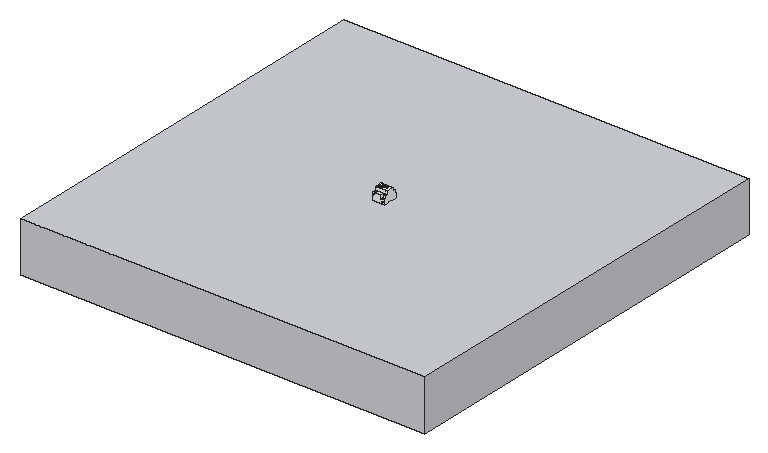
Revit family "Gira_102200", category Elektroinstallationen, Revit 2017
Family settings
  Basisbauteil = Fläche
  Beschriftungsausrichtung beibehalten = Nein
  Bemaßung runder Anschluss = Durchmesser verwenden
  Teiletyp = Normal
  Beim Laden mit Abzugskörper schneiden = Nein
  Gemeinsam genutzt = Nein
  Raumberechnungspunkt = Nein
Parameters (values of type "Analogaktor 4f KNX REG")
  Zusammenstellung = ""
  Default Elevation = 1219.2 mm
  Vor Ort-/Handbedienung = no
  URL = "https://www.gira.de/"
  Typname = "Analogaktor 4f KNX REG"
  Type Comments = ""
  Schutzart (IP) = "IP20"
  Produktseite = "https://media.stage.bim.site/t/eyJhbGciOiJIUzI1NiIsInR5cCI6IkpXVCJ9.eyJjdCI6MiwidHUiOiJodHRwOi8va2F0YWxvZy5naXJhLmRlL2RlX0RFL2RhdGVuYmxhdHQuaHRtbD9hcnRpa2VsbnI9MTAyMjAwIiwiY2lkIjoiMzI3N2NjMjMtODFhOS00ZWUzLWE5MGEtYjQ3YmI0YzBiNjE2IiwicmlkIjoiN2VhMzEzMzRjZjE5MWI1OTZjNTRhNmU2NmMyMGRjZWYiLCJwaWQiOiJmZmFkNmFkZDg5NTdjODBkZDVhYTJmZTM0ZjQyYWU1NDEwZjgyZmQzIiwic2lkIjoiNjM0NzAiLCJ1dCI6MSwibGMiOiJkZSIsImlhdCI6MTYwMDkyNTU2NSwiaXNzIjoiaHR0cHM6Ly9hcGkubGl2ZS5iaW0uc2l0ZSIsInN1YiI6ImFkbWluQGJpbXNpdGUuZGV2In0.LwbDDWPOAQ2pYbK7g8qsJwOKIsyT7783hXnqBg64tzE"
  Montageart = "REG"
  Model = ""
  Mit LED-Anzeige = no
  Mit Busankopplung = yes
  Max. Anzahl der Schaltausgänge = 0
  Kosten = 0
  Hersteller = "Gira"
  HeinzeBIM = "https://www.heinze.de/bim/analogaktor-4f-knx-reg/ffad6add8957c80dd5aa2fe34f42ae5410f82fd3"
  HAN = "102200"
  Geeignet für C-Last = no
  GTIN = "4010337010708"
  Datenblatt 1 = "https://media.stage.bim.site/t/eyJhbGciOiJIUzI1NiIsInR5cCI6IkpXVCJ9.eyJjdCI6MSwidGYiOiJwdWJsaWMvZ2lyYS9hZThjNTU3LzEwMjIwMC50eHQiLCJjaWQiOiIzMjc3Y2MyMy04MWE5LTRlZTMtYTkwYS1iNDdiYjRjMGI2MTYiLCJyaWQiOiI3ZWEzMTMzNGNmMTkxYjU5NmM1NGE2ZTY2YzIwZGNlZiIsInBpZCI6ImZmYWQ2YWRkODk1N2M4MGRkNWFhMmZlMzRmNDJhZTU0MTBmODJmZDMiLCJzaWQiOiI2MzQ3MCIsInV0IjoxLCJsYyI6ImRlIiwiaWF0IjoxNjAwOTI1NTY1LCJpc3MiOiJodHRwczovL2FwaS5saXZlLmJpbS5zaXRlIiwic3ViIjoiYWRtaW5AYmltc2l0ZS5kZXYifQ.A_0qu5OaCnIM0otln83LUzjGE3TuUyHHOcF7MGFbmEE/102200.txt"
  Datenblatt = "https://media.stage.bim.site/t/eyJhbGciOiJIUzI1NiIsInR5cCI6IkpXVCJ9.eyJjdCI6MSwidHUiOiJodHRwczovL2thdGFsb2cuZ2lyYS5kZS9kZV9ERS9kb3dubG9hZC5odG1sP2FydGlrZWxucj0xMDIyMDAiLCJjaWQiOiIzMjc3Y2MyMy04MWE5LTRlZTMtYTkwYS1iNDdiYjRjMGI2MTYiLCJyaWQiOiI3ZWEzMTMzNGNmMTkxYjU5NmM1NGE2ZTY2YzIwZGNlZiIsInBpZCI6ImZmYWQ2YWRkODk1N2M4MGRkNWFhMmZlMzRmNDJhZTU0MTBmODJmZDMiLCJzaWQiOiI2MzQ3MCIsInV0IjoxLCJsYyI6ImRlIiwiaWF0IjoxNjAwOTI1NTY1LCJpc3MiOiJodHRwczovL2FwaS5saXZlLmJpbS5zaXRlIiwic3ViIjoiYWRtaW5AYmltc2l0ZS5kZXYifQ.QHo0v2gF6mFm-TgbEbKmUZ619WVr4vtd6nKSYMqpx70"
  Bussystem Powernet = no
  Bussystem LON = yes
  Bussystem KNX-Funk = no
  Bussystem KNX = yes
  Bussystem Funkbus = no
  Busfähig = ""
  Breite in Teilungseinheiten = 4
  Beschreibung = "KNX Analogaktor 4fach  REG plus Merkmale:  Analogaktor 4fach REG mit integrierter Busankopplung wandelt KNX Telegramme (1-Byte und 2-Byte) in analoge Ausgangssignale um.  Diese analogen Ausgangssignale ermöglichen es Aktoren der Heizungs-, Klima- und Lüftungstechnik ihre Ausgangsgrößen aufgrund von Businformationen anzupassen und an Regelprozessen teilzunehmen.  Spannungsausgänge mit Kurzschlussüberwachung.  Der Ausgangszustand wird durch die Status-LED angezeigt.  Die Ausgangsgrößen können zwangsgeführt werden.  Nicht benötigte Ausgänge lassen sich abschalten.  Die vier Ausgänge werden durch die Software auf Spannungs- oder Stromsignale parametriert."
  Assembly Code = ""
  Keynote = ""
  BIMSITE_PRODUCT_ID = "ffad6add8957c80dd5aa2fe34f42ae5410f82fd3"
  BIM = "https://media.stage.bim.site/t/eyJhbGciOiJIUzI1NiIsInR5cCI6IkpXVCJ9.eyJjdCI6MSwidGYiOiJwdWJsaWMvZ2lyYS9hZThjNTU3L1JFRyA4Zi5yZmEiLCJjaWQiOiIzMjc3Y2MyMy04MWE5LTRlZTMtYTkwYS1iNDdiYjRjMGI2MTYiLCJyaWQiOiI3ZWEzMTMzNGNmMTkxYjU5NmM1NGE2ZTY2YzIwZGNlZiIsInBpZCI6ImZmYWQ2YWRkODk1N2M4MGRkNWFhMmZlMzRmNDJhZTU0MTBmODJmZDMiLCJzaWQiOiI2MzQ3MCIsInV0Ijo1LCJsYyI6ImRlIiwiaWF0IjoxNjAwOTI1NTY1LCJpc3MiOiJodHRwczovL2FwaS5saXZlLmJpbS5zaXRlIiwic3ViIjoiYWRtaW5AYmltc2l0ZS5kZXYifQ.0QB7NR3TMcgPUwC54WKwdhEfvtfGJ7k9em34EAYtWBc/REG 8f.rfa"
  Ausgangsstrom [Ampere] = "[0:0,002]"
  Ausgangsspannung [Volt] = "[24:24]"
  Ausführung Text = "Basismodul"
  Art der Spannungsversorgung = ""
  Anzahl der binären Eingänge = 0
  Anzahl der Ausgänge = 4
  Andere Bussysteme = "ohne"
Reference planes
  plane 1 "Center (Front/Back)": y = 0
  plane 2: z = 0
  plane 3 "Center (Left/Right)": x = 0
Forms (mm)
  Extrusion 1, solid
    sketch origin (0, 0, 0) x (1, 0, 0) y (0, 1, 0)
      loop
        line (-1219.2, 1219.2) -> (-1219.2, -1219.2) -> (1219.2, -1219.2) -> (1219.2, 1219.2) -> (-1219.2, 1219.2)
    from 0 to -304.8
  Extrusion 2, solid, material "White", detail levels fine
    sketch origin (0, 0, 0) x (0, 1, 0) y (0, 0, 1)
      loop
        line (45.125, -2.619) -> (45.125, 24.95) -> (33.875, 24.95) -> (33.875, 43.8) -> (22.575, 43.8) -> (22.575, 62.05)
        arc (22.575, 62.05) -> (22.311, 62.686) -> (21.675, 62.95) r 0.9
        line (21.675, 62.95) -> (-21.175, 62.95)
        arc (-21.175, 62.95) -> (-21.785, 62.758) -> (-22.175, 62.25) r 1.064
        line (-22.175, 62.25) -> (-22.175, 43.8) -> (-44.725, 43.8) -> (-44.725, -2.619)
        arc (-44.725, -2.619) -> (-31.081, -5.433) -> (-17.243, -7.049) r 160
        line (-17.243, -7.049) -> (-13.165, -1.734) -> (-16.399, -0.807) -> (-16.399, 0) -> (17.8, 0) -> (17.8, -1.4) -> (16.8, -1.4) -> (14.749, -4.952)
        arc (14.749, -4.952) -> (18.64, -6.184) -> (22.7, -6.6) r 20
        arc (22.7, -6.6) -> (33.983, -5.009) -> (45.125, -2.619) r 160
    from -36 to 36
  Extrusion 3, void, detail levels fine
    sketch origin (0, 0, 0) x (1, 0, 0) y (0, 1, 0)
      loop
        circle (30, 26.925) r 2.55
      loop
        circle (21.75, 26.925) r 2.55
      loop
        circle (12.75, 26.925) r 2.55
      loop
        circle (4.5, 26.925) r 2.55
      loop
        circle (-4.5, 26.925) r 2.55
      loop
        circle (-12.75, 26.925) r 2.55
      loop
        circle (-21.75, 26.925) r 2.55
      loop
        circle (-30, 26.925) r 2.55
    from 37.936 to 43.8
  Extrusion 4, void, detail levels fine
    sketch origin (0, 11.25, -18.85) x (1, 0, 0) y (0, 1, 0)
      loop
        circle (30, 26.925) r 2.55
      loop
        circle (21.75, 26.925) r 2.55
      loop
        circle (12.75, 26.925) r 2.55
      loop
        circle (4.5, 26.925) r 2.55
      loop
        circle (-4.5, 26.925) r 2.55
      loop
        circle (-12.75, 26.925) r 2.55
      loop
        circle (-21.75, 26.925) r 2.55
      loop
        circle (-30, 26.925) r 2.55
    from 37.936 to 43.8
  Extrusion 5, void, detail levels fine
    sketch origin (0, 0, 0) x (1, 0, 0) y (0, 1, 0)
      loop
        circle (-13, -3.875) r 3
      loop
        circle (-23, -3.875) r 3
      loop
        circle (-23, -13.875) r 3
      loop
        circle (-13, -13.875) r 3
      loop
        circle (-29, -3.875) r 1.575
      loop
        circle (-29, -13.875) r 1.575
      loop
        circle (-7, -13.875) r 1.575
      loop
        circle (-15.4, 5.325) r 1.625
      loop
        circle (-11, 5.325) r 1.575
      loop
        circle (-6.6, 5.325) r 1.625
      loop
        circle (-2.2, 5.325) r 1.625
      loop
        circle (2.2, 5.325) r 1.625
      loop
        circle (6.6, 5.325) r 1.625
      loop
        circle (11, 5.325) r 1.575
      loop
        circle (15.4, 5.325) r 1.625
    from 58.253 to 62.95
  Extrusion 6, void, detail levels fine
    sketch origin (0, 0, 0) x (1, 0, 0) y (0, 1, 0)
      loop
        line (-32.175, -32.6) -> (-32.175, -34.9) -> (-31.24, -34.36) -> (-31.401, -37.165) -> (-32.175, -36.7) -> (-32.175, -44.875) -> (-20.175, -44.875) -> (-20.175, -37.33) -> (-19.075, -37.965) -> (-19.075, -33.635) -> (-20.175, -34.27) -> (-20.175, -32.6) -> (-32.175, -32.6)
    from 28.5 to 43.8
  Extrusion 7, solid, detail levels fine
    sketch origin (0, 0, 0) x (1, 0, 0) y (0, 1, 0)
      loop
        circle (-29.375, -36.2) r 0.5
      loop
        circle (-23.575, -36.2) r 0.5
    from 28.5 to 37.5
  Extrusion 8, void, detail levels fine
    sketch origin (0, 0, 0) x (1, 0, 0) y (0, 1, 0)
      loop
        line (15.289, -31.489) -> (15.289, -44.875) -> (36, -44.875) -> (36, -31.489) -> (15.289, -31.489)
    from 25 to 43.8
  Extrusion 9, void, detail levels fine
    sketch origin (0, 0, 0) x (1, 0, 0) y (0, 1, 0)
      loop
        circle (21.75, -37.925) r 2.55
      loop
        circle (30, -37.925) r 2.55
    from 19.086 to 24.95
  Extrusion 10, void, detail levels fine
    sketch origin (0, 0, 0) x (1, 0, 0) y (0, 0, 1)
      loop
        line (32.368, 26.75) -> (32.35, 28.865) -> (32.319, 32.45) -> (27.731, 32.45) -> (27.682, 26.75) -> (32.368, 26.75)
      loop
        line (24.118, 26.75) -> (24.1, 28.865) -> (24.069, 32.45) -> (19.481, 32.45) -> (19.432, 26.75) -> (24.118, 26.75)
      loop
        line (15.118, 26.75) -> (15.1, 28.865) -> (15.069, 32.45) -> (10.481, 32.45) -> (10.432, 26.75) -> (15.118, 26.75)
      loop
        line (6.868, 26.75) -> (6.85, 28.865) -> (6.819, 32.45) -> (2.231, 32.45) -> (2.182, 26.75) -> (6.868, 26.75)
      loop
        line (-2.182, 26.75) -> (-2.2, 28.865) -> (-2.231, 32.45) -> (-6.819, 32.45) -> (-6.868, 26.75) -> (-2.182, 26.75)
      loop
        line (-10.432, 26.75) -> (-10.45, 28.865) -> (-10.481, 32.45) -> (-15.069, 32.45) -> (-15.118, 26.75) -> (-10.432, 26.75)
      loop
        line (-19.35, 26.75) -> (-19.369, 28.865) -> (-19.4, 32.45) -> (-23.987, 32.45) -> (-24.037, 26.75) -> (-19.35, 26.75)
      loop
        line (-27.682, 26.75) -> (-27.7, 28.865) -> (-27.731, 32.45) -> (-32.319, 32.45) -> (-32.368, 26.75) -> (-27.682, 26.75)
    from -29.206 to -33.875
  Extrusion 11, void, detail levels fine
    sketch origin (0, 11.25, -19.567) x (1, 0, 0) y (0, 0, 1)
      loop
        line (32.368, 26.75) -> (32.35, 28.865) -> (32.319, 32.45) -> (27.731, 32.45) -> (27.682, 26.75) -> (32.368, 26.75)
      loop
        line (24.118, 26.75) -> (24.1, 28.865) -> (24.069, 32.45) -> (19.481, 32.45) -> (19.432, 26.75) -> (24.118, 26.75)
      loop
        line (15.118, 26.75) -> (15.1, 28.865) -> (15.069, 32.45) -> (10.481, 32.45) -> (10.432, 26.75) -> (15.118, 26.75)
      loop
        line (6.868, 26.75) -> (6.85, 28.865) -> (6.819, 32.45) -> (2.231, 32.45) -> (2.182, 26.75) -> (6.868, 26.75)
      loop
        line (-2.182, 26.75) -> (-2.2, 28.865) -> (-2.231, 32.45) -> (-6.819, 32.45) -> (-6.868, 26.75) -> (-2.182, 26.75)
      loop
        line (-10.432, 26.75) -> (-10.45, 28.865) -> (-10.481, 32.45) -> (-15.069, 32.45) -> (-15.118, 26.75) -> (-10.432, 26.75)
      loop
        line (-19.35, 26.75) -> (-19.369, 28.865) -> (-19.4, 32.45) -> (-23.987, 32.45) -> (-24.037, 26.75) -> (-19.35, 26.75)
      loop
        line (-27.682, 26.75) -> (-27.7, 28.865) -> (-27.731, 32.45) -> (-32.319, 32.45) -> (-32.368, 26.75) -> (-27.682, 26.75)
    from -29.206 to -33.875
  Extrusion 12, void, detail levels fine
    sketch origin (0, 0, 0) x (1, 0, 0) y (0, 0, 1)
      loop
        line (32.319, 12.883) -> (27.731, 12.883) -> (27.682, 7.183) -> (32.368, 7.183) -> (32.35, 9.298) -> (32.319, 12.883)
      loop
        line (24.069, 12.883) -> (19.481, 12.883) -> (19.432, 7.183) -> (24.118, 7.183) -> (24.1, 9.298) -> (24.069, 12.883)
    from 40.588 to 44.725
  Extrusion 13, solid, material "White", detail levels fine
    sketch origin (0, 0, 0) x (1, 0, 0) y (0, 1, 0)
      loop
        circle (-15.4, 5.325) r 1.625
      loop
        circle (-11, 5.325) r 1.575
      loop
        circle (-6.6, 5.325) r 1.625
      loop
        circle (-2.2, 5.325) r 1.625
      loop
        circle (2.2, 5.325) r 1.625
      loop
        circle (6.6, 5.325) r 1.625
      loop
        circle (11, 5.325) r 1.575
      loop
        circle (15.4, 5.325) r 1.625
      loop
        circle (-29, -3.875) r 1.575
      loop
        circle (-29, -13.875) r 1.575
      loop
        circle (-7, -13.875) r 1.575
    from 58.253 to 62.25
  Extrusion 14, solid, material "White", detail levels fine
    sketch origin (0, 0, 0) x (1, 0, 0) y (0, 1, 0)
      loop
        circle (-23, -3.875) r 3
      loop
        circle (-13, -3.875) r 3
      loop
        circle (-23, -13.875) r 3
      loop
        circle (-13, -13.875) r 3
    from 58.253 to 63.841
  Extrusion 15, solid, material "White", detail levels medium
    sketch origin (0, 0, 0) x (0, 1, 0) y (0, 0, 1)
      loop
        line (45.125, -7.049) -> (45.125, 24.95) -> (33.875, 24.95) -> (33.875, 43.8) -> (22.575, 43.8) -> (22.575, 63.841) -> (-22.175, 63.841) -> (-22.175, 43.8) -> (-44.725, 43.8) -> (-44.725, -7.049) -> (45.125, -7.049)
    from -36 to 36
  Extrusion 16, solid, material "White", detail levels coarse
    sketch origin (0, 0, 0) x (0, 1, 0) y (0, 0, 1)
      loop
        line (45.125, -7.049) -> (45.125, 63.841) -> (-44.725, 63.841) -> (-44.725, -7.049) -> (45.125, -7.049)
    from -36 to 36
Cuts and joins
  Extrusion 3, Extrusion 4, Extrusion 5, Extrusion 6, Extrusion 8, Extrusion 9, Extrusion 10, Extrusion 11, Extrusion 12 cuts Extrusion 2
Dimensions and locks
  aligned and locked: plane 2 to Extrusion 1
  aligned and locked: level to Extrusion 1
